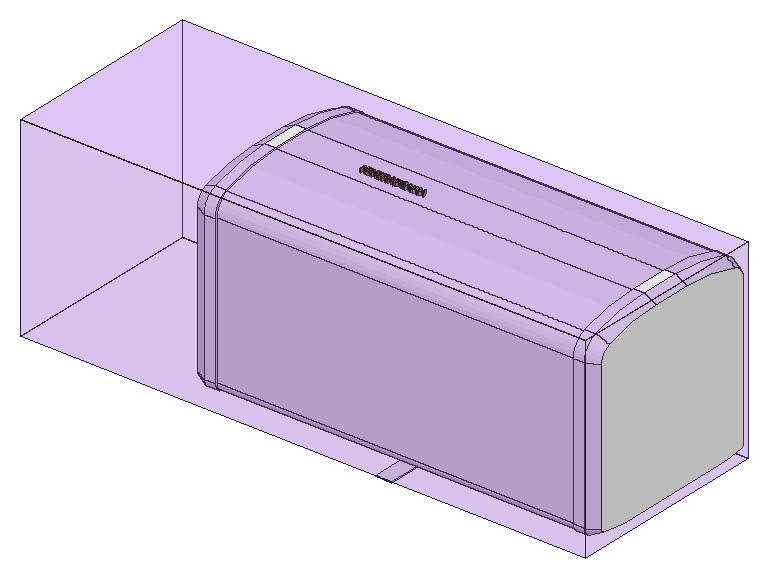
Revit family "Heatrae Sadia Multipoint Eco 80L & 100L H 3kW", category Mechanical Equipment, host Face, Revit 2017
Family settings
  Host = Face
  Round Connector Dimension = Use Diameter
  Part Type = Normal
  OmniClass Number = 23.65.35.11.11
  OmniClass Title = Storage Water Heaters
  Cut with Voids When Loaded = No
  Shared = No
  Room Calculation Point = No
Parameters (values of type "Multipoint Eco 80L H 3kW")
  Width = NominalLength - 12 mm  # 454 mm
  Weight = "26 kg"
  WaterStorageCapacity = "80L"
  WaterInletTemperatureRange = "n/a"
  WarrantyStartDate [instance] = "1900-12-31T23:59:59"
  WarrantyGuarantorParts = "customer.support@heatraesadia.com"
  WarrantyGuarantorLabor = "n/a"
  WarrantyDurationUnit = "year"
  WarrantyDurationParts = "2"
  WarrantyDurationLabor = "n/a"
  WarrantyDescription = "n/a"
  Version = "2"  # constant formula
  Uniclass2015Version = "Products v1.7"
  Uniclass2015Title = "Electric storage water heaters"
  Uniclass2015Code = "Pr_60_60_96_28"
  ThirdPartyCertification = "EN55014-1:2017, EN55014-2:2015, EN60335-1:2012;A11:2014;A13:2017, EN60335-2-21:2003+A1:2005+A2:2008, EN61000-3-2:2014 & EN61000-3-3:2013, EN62233:2008, EN50440, EN60379"
  TemperatureAndPressureReliefValveConnectionDiameter = 15 mm  # constant formula
  TagNumber [instance] = "n/a"
  SustainabilityPerformance = "n/a"
  SupportPosition = 94 mm
  WaterConnectionPosition = 83 mm
  Standards = "n/a"
  Size = "n/a"
  Shape = "453 x 453 x 966 mm"
  SerialNumber [instance] = "n/a"
  Revision = "n/a"
  ReplacementCost = "n/a"
  Rating = "3 kW"
  RHSClearanceZone = 0 mm
  ProductInformation = "https://www.heatraesadia.com/products/cylinders-and-hot-water/electric-unvented-storage/multipoint"
  PressureReliefValvePosition = 136 mm
  PressureRating = "600 kPa"
  PartialLoadEfficiencyCurves = "n/a"
  OutletTemperatureRange = "10°C to 70°C"
  OperatingMode = "n/a"
  OffsetFromWall = 12 mm  # constant formula
  NominalWidth = 453 mm
  NominalPartLoadRatio = 0 mm
  NominalLength = 466 mm
  NominalHeight = 1052 mm
  NominalEnergyConsumption = 6.9 mm
  NominalEfficiency = 40
  Name = "StorageWaterHeaters,Multipoint Eco 80L H 3kW"
  NBSTypeID = "n/a"
  NBSReference = "n/a"
  NBSOfficeMasterTag = "n/a"
  NBSNote = "n/a"
  NBSDescription = "Storage water heaters, electric"
  NBSCertification = "www.nationalbimlibrary.com/cert/wpqzk5cm"
  ModelReference = "Multipoint 80L H 3kW"
  ModelNumber = "n/a"
  Material = NBS_Concept
  ManufacturerURL = "www.heatraesadia.com"
  ManufacturerName = "Heatrae Sadia Heating"  # constant formula
  Manufacturer = "specifier@heatraesadia.com"
  Length = NominalHeight - 86 mm  # 966 mm
  LHSClearanceZone = 300 mm
  IsWaterStorageHeater = yes
  InstallationDate [instance] = "1900-12-31T23:59:59"
  IfcExportType = "USERDEFINED"  # constant formula
  IfcExportAs = "IfcBoilerType"  # constant formula
  HotWaterOutletDiameter = 22 mm  # constant formula
  Height = NominalWidth  # 453 mm
  HeatTransferSurfaceArea = "n/a"
  HeatOutput = 0
  HasTemperatureAndPressureReliefValve = yes
  HasSwitch = yes
  Grade = "n/a"
  FrontClearanceZone = 0 mm
  FlowRate = "20 l/min"
  Finish = "White Enameled Steel"
  Features = "n/a"
  ExpectedLife = "n/a"
  DurationUnit = "year"
  Description = "Unvented water heater"
  Default Elevation = 1200 mm
  Controls = "Smart Thermostatic Control"
  Constituents = "n/a"
  Color = "White"
  ColdWaterInletDiameter = 22 mm  # constant formula
  CodePerformance = "n/a"
  ClearanceZoneMaterial = NBS_ClearanceZone
  ClearanceZone [instance] = yes
  Category = "Pr_60_60_96_28:Electric storage water heaters"
  CasingFinish = "White Enameled Steel"
  Capacity = "80 L"
  BelowClearanceZone = 0 mm
  BarCode [instance] = "n/a"
  BIMObjectName = "Heatrae Sadia Multipoint Eco 80H"
  Author = "NBS"  # constant formula
  AssetType = "Fixed"
  AssetIdentifier [instance] = "n/a"
  Arrangement = "KIWA, NEMKO, CE"
  Accessories = "n/a"
  AccessibilityPerformance = "n/a"
  AboveClearanceZone = 0 mm
Types (3, lengths in mm): name | Weight | WaterStorageCapacity | Shape | NominalHeight | NominalEnergyConsumption | NominalEfficiency | Name | ModelReference | Length | Capacity | BIMObjectName
  (no name) | "26 kg" | "80L" | "453 x 453 x 966 mm" | 1052 | 6.9 | 40 | "StorageWaterHeaters,Multipoint Eco 80L H 3kW" | "Multipoint 80L H 3kW" | 966 | "80 L" | "Heatrae Sadia Multipoint Eco 80H"
  Multipoint Eco 80L H 3kW | "26 kg" | "80L" | "453 x 453 x 966 mm" | 1052 | 6.9 | 40 | "StorageWaterHeaters,Multipoint Eco 80L H 3kW" | "Multipoint 80L H 3kW" | 966 | "80 L" | "Heatrae Sadia Multipoint Eco 80H"
  Multipoint Eco 100L H 3kW | "30 kg" | "100 L" | "453 x 454 x 1134 mm" | 1220 | 6.3 | 37.7 | "StorageWaterHeaters, Multipoint Eco 100L H 3kW" | "Multipoint 100L H 3kW" | 1134 | "100 L" | "Heatrae Sadia Multipoint Eco 100H"
Reference planes
  plane 1 "Center (Front/Back)": y = 0
  plane 2: z = 0.011
  plane 3 "Center (Left/Right)": x = 0
  plane 4: y = 226.5
  plane 5: y = -226.5
  plane 6: z = 466.011
  plane 7: z = 12.011
  plane 8: x = -483
  plane 9: x = -428
  plane 10: x = -454
  plane 11: x = 483
  plane 12: x = 428
  plane 13: x = 454
  plane 14: z = 95.011
  plane 15: y = 50
  plane 16: y = -50
  plane 17 "Connection": y = 140.5
  plane 18: z = 148.011
  plane 19: y = -148.5
  plane 20: x = -458
  plane 21: z = 112.011
  plane 22: z = 127.011
  plane 23: z = 380.011
  plane 24: z = 302.011
  plane 25: z = 122.011
  plane 26: z = 80.011
  plane 27: y = -162.5
  plane 28: x = -499
  plane 29: x = -569
  plane 30: y = 143.5
  plane 31: y = -143.5
  plane 32 "Above Clearance": y = 226.5
  plane 33 "LHS Clearance": x = -869
  plane 34 "Below Clearance": y = -259.5
  plane 35 "RHS Clearance": x = 483
  plane 36: y = -259.5
  plane 37 "Front Clearance": z = 466.011
Forms (mm)
  Extrusion 1, solid, material "NBS_Concept" <- "Material", detail levels medium+fine
    sketch origin (0, 0, -82) x (0, 1, 0) y (0, 0, 1)
      loop
        arc (143.5, 94.011) -> (176.474, 95.743) -> (209.086, 100.922) r 314.643
        arc (209.086, 100.922) -> (221.601, 108.598) -> (226.5, 122.439) r 22
        line (226.5, 122.439) -> (226.5, 476.124)
        arc (226.5, 476.124) -> (217.216, 505.144) -> (192.812, 523.388) r 50
        arc (192.812, 523.388) -> (120.431, 541.812) -> (46, 548.011) r 450
        line (46, 548.011) -> (-46, 548.011)
        arc (-46, 548.011) -> (-120.431, 541.812) -> (-192.813, 523.388) r 450
        arc (-192.813, 523.388) -> (-217.216, 505.144) -> (-226.5, 476.124) r 50
        line (-226.5, 476.124) -> (-226.5, 122.439)
        arc (-226.5, 122.439) -> (-221.601, 108.598) -> (-209.086, 100.922) r 22
        arc (-209.086, 100.922) -> (-176.474, 95.743) -> (-143.5, 94.011) r 314.643
        line (-143.5, 94.011) -> (143.5, 94.011)
    from -483 to 483
  Extrusion 2, solid, material "NBS_Concept" <- "Material", detail levels fine
    sketch origin (0, 0, -82) x (0, 1, 0) y (0, 0, 1)
      loop
        circle (50, 177.011) r 13.5
      loop
        circle (-50, 177.011) r 13.5
      loop
        circle (50, 177.011) r 11
      loop
        circle (-50, 177.011) r 11
    from -499 to -483
  Extrusion 3, solid, material "NBS_Concept" <- "Material", detail levels medium
    sketch origin (0, 0, -82) x (0, 1, 0) y (0, 0, 1)
      loop
        circle (50, 177.011) r 13.5
      loop
        circle (-50, 177.011) r 13.5
    from -499 to -483
  Revolve 4, solid, material "NBS_Concept" <- "Material", visible <- "HasTemperatureAndPressureReliefValve", detail levels fine
    sketch origin (0, 140.5, 0) x (0, 0, 1) y (-1, 0, 0)
      loop
        line (148.011, 483) -> (161.011, 483) -> (161.011, 496) -> (162.011, 496) -> (162.011, 525) -> (164.011, 525) -> (164.011, 537) -> (162.761, 537) -> (162.761, 546) -> (161.511, 546) -> (161.511, 569) -> (148.011, 569) -> (148.011, 483)
      axis (148.011, 569) -> (148.011, 483)
    angle from 0 to 360
  Revolve 5, solid, material "NBS_Concept" <- "Material", visible <- "HasTemperatureAndPressureReliefValve", detail levels medium
    sketch origin (0, 99.5, -82) x (0, 0, 1) y (-1, 0, 0)
      loop
        line (230.011, 483) -> (244.011, 483) -> (244.011, 525) -> (246.011, 525) -> (246.011, 546) -> (243.511, 546) -> (243.511, 569) -> (230.011, 569) -> (230.011, 483)
      axis (230.011, 569) -> (230.011, 483)
    angle from 0 to 360
  Revolve 6, solid, material "NBS_Concept" <- "Material", visible <- "HasTemperatureAndPressureReliefValve", detail levels coarse
    sketch origin (0, 99.5, -82) x (0, 0, 1) y (-1, 0, 0)
      loop
        line (230.011, 483) -> (244.011, 483) -> (244.011, 525) -> (246.011, 525) -> (246.011, 569) -> (230.011, 569) -> (230.011, 483)
      axis (230.011, 569) -> (230.011, 483)
    angle from 0 to 360
  Extrusion 7, solid, material "NBS_Concept" <- "Material", detail levels fine
    sketch origin (0, 0, -82) x (0, 1, 0) y (0, 0, 1)
      loop
        circle (0, 384.011) r 13
      loop
        circle (0, 384.011) r 11
      loop
        circle (0, 384.011) r 9
    from -485 to -483
  Extrusion 8, void
    sketch origin (0, 190.138, -137.009) x (0, 1, 0) y (0, 0, 1)
      loop
        line (-310.138, 259.02) -> (-367.138, 259.02) -> (-367.138, 217.02) -> (-385.358, 149.02) -> (-291.917, 149.02) -> (-310.138, 217.02) -> (-310.138, 259.02)
    from -483 to -458
  Extrusion 9, solid, material "NBS_Concept" <- "Material", detail levels medium+fine
    sketch origin (0, 0, 0) x (1, 0, 0) y (0, 1, 0)
      loop
        circle (-470, -162.5) r 12
    from 80.011 to 122.011
  Extrusion 10, solid, material "NBS_Concept" <- "Material", visible <- "HasTemperatureAndPressureReliefValve", detail levels fine
    sketch origin (0, 0, 0) x (1, 0, 0) y (0, 1, 0)
      loop
        circle (-519, 140.5) r 7.5
      loop
        line (-526, 152.624) -> (-533, 140.5) -> (-526, 128.376) -> (-512, 128.376) -> (-505, 140.5) -> (-512, 152.624) -> (-526, 152.624)
    from 112.011 to 127.011
  Extrusion 11, solid, material "NBS_Concept" <- "Material", visible <- "HasTemperatureAndPressureReliefValve", detail levels medium+fine
    sketch origin (0, 0, 0) x (1, 0, 0) y (0, 1, 0)
      loop
        circle (-519, 140.5) r 10.5
    from 127.011 to 148.011
  Extrusion 12, solid, material "NBS_Concept" <- "Material", visible <- "HasTemperatureAndPressureReliefValve", detail levels medium
    sketch origin (0, 0, 0) x (1, 0, 0) y (0, 1, 0)
      loop
        line (-526, 152.624) -> (-533, 140.5) -> (-526, 128.376) -> (-512, 128.376) -> (-505, 140.5) -> (-512, 152.624) -> (-526, 152.624)
    from 112.011 to 127.011
  Extrusion 13, solid, material "NBS_Concept" <- "Material", detail levels fine
    sketch origin (0, 0, 0) x (0, 1, 0) y (0, 0, 1)
      loop
        line (-168.5, 0) -> (-158.489, 10.011) -> (-73.5, 10.011) -> (-73.5, 12.011) -> (-159.318, 12.011) -> (-169.328, 2) -> (-259.5, 2) -> (-259.5, 0) -> (-168.5, 0)
    from -20 to 20
  Extrusion 14, solid, material "NBS_Concept" <- "Material", detail levels fine
    sketch origin (1226.347, 140.5, 586.702) x (0, 0, 1) y (-1, 0, 0)
      loop
        line (-586.702, 956.347) -> (-583.702, 956.347) -> (-583.702, 982.105) -> (-574.702, 991.105) -> (-574.702, 1092.59) -> (-583.702, 1101.59) -> (-583.702, 1151.105) -> (-574.702, 1160.105) -> (-574.702, 1292.59) -> (-583.702, 1301.59) -> (-583.702, 1351.105) -> (-574.702, 1360.105) -> (-574.702, 1461.59) -> (-583.702, 1470.59) -> (-583.702, 1496.347) -> (-586.702, 1496.347) -> (-586.702, 1469.347) -> (-577.702, 1460.347) -> (-577.702, 1361.347) -> (-586.702, 1352.347) -> (-586.702, 1300.347) -> (-577.702, 1291.347) -> (-577.702, 1161.347) -> (-586.702, 1152.347) -> (-586.702, 1100.347) -> (-577.702, 1091.347) -> (-577.702, 992.347) -> (-586.702, 983.347) -> (-586.702, 956.347)
    from 8 to 40
  Sweep 15, void
    path in 3D
      loop
        arc (483, 143.5, 12.011) -> (483, 176.474, 13.743) -> (483, 209.086, 18.922) r 314.643
        arc (483, 209.086, 18.922) -> (483, 221.601, 26.598) -> (483, 226.5, 40.439) r 22
        line (483, 226.5, 40.439) -> (483, 226.5, 394.124)
        arc (483, 226.5, 394.124) -> (483, 217.216, 423.144) -> (483, 192.812, 441.388) r 50
        arc (483, 192.812, 441.388) -> (483, 120.431, 459.812) -> (483, 46, 466.011) r 450
        line (483, 46, 466.011) -> (483, -46, 466.011)
        arc (483, -46, 466.011) -> (483, -120.431, 459.812) -> (483, -192.813, 441.388) r 450
        arc (483, -192.813, 441.388) -> (483, -217.216, 423.144) -> (483, -226.5, 394.124) r 50
        line (483, -226.5, 394.124) -> (483, -226.5, 40.439)
        arc (483, -226.5, 40.439) -> (483, -221.601, 26.598) -> (483, -209.086, 18.922) r 22
        arc (483, -209.086, 18.922) -> (483, -176.474, 13.743) -> (483, -143.5, 12.011) r 314.643
    profile origin (483, 226.5, 217.281) x (0, -1, 0) y (1, 0, 0)
      loop
        line (-10, 0) -> (-10, -966) -> (15, -966) -> (0, -937) -> (0, -911) -> (2, -911) -> (2, -55) -> (0, -55) -> (0, -29) -> (15, 0) -> (-10, 0)
  Extrusion 16, void
    sketch origin (0, 140.5, 0) x (0, 0, 1) y (-1, 0, 0)
      loop
        line (12.011, -454) -> (12.011, -428) -> (14.011, -428) -> (14.011, 428) -> (12.011, 428) -> (12.011, 454) -> (27.011, 483) -> (0.011, 483) -> (0.011, -483) -> (27.011, -483) -> (12.011, -454)
    from -3 to 284
  Extrusion 17, solid, material "NBS_Concept" <- "Material", detail levels coarse
    sketch origin (0, 0, 0) x (0, 1, 0) y (0, 0, 1)
      loop
        line (-226.5, 0.011) -> (226.5, 0.011) -> (226.5, 428.224)
        arc (226.5, 428.224) -> (138.206, 456.463) -> (46, 466.011) r 450
        line (46, 466.011) -> (-46, 466.011)
        arc (-46, 466.011) -> (-138.206, 456.463) -> (-226.5, 428.224) r 450
        line (-226.5, 428.224) -> (-226.5, 0.011)
    from -483 to 483
  Extrusion 18, solid, material "NBS_Concept" <- "Material", detail levels medium
    sketch origin (0, 0, 0) x (1, 0, 0) y (0, 1, 0)
      loop
        line (-270, 132.5) -> (-270, 100.5) -> (270, 100.5) -> (270, 132.5) -> (-270, 132.5)
      loop
        line (-20, -73.5) -> (-20, -259.5) -> (20, -259.5) -> (20, -73.5) -> (-20, -73.5)
    from 0.011 to 12.011
  Extrusion 19, solid, material "NBS_ClearanceZone", visible <- "ClearanceZone"
    sketch origin (0, 0, 0) x (1, 0, 0) y (0, 1, 0)
      loop
        line (-869, 226.5) -> (-869, -259.5) -> (483, -259.5) -> (483, 226.5) -> (-869, 226.5)
    from 0.011 to 466.011
Cuts and joins
  Extrusion 8, Sweep 15, Extrusion 16 cuts Extrusion 1
Lines and regions (mm)
  sketch lines
    curve 1: line (483, 226.5, 40.439) -> (483, 226.5, 394.124)
    curve 2: arc (483, 192.812, 441.388) -> (483, 217.216, 423.144) -> (483, 226.5, 394.124) r 50
    curve 3: arc (483, 46, 466.011) -> (483, 120.431, 459.812) -> (483, 192.812, 441.388) r 450
    curve 4: line (483, 46, 466.011) -> (483, -46, 466.011)
    curve 5: arc (483, -192.813, 441.388) -> (483, -120.431, 459.812) -> (483, -46, 466.011) r 450
    curve 6: arc (483, -226.5, 394.124) -> (483, -217.216, 423.144) -> (483, -192.813, 441.388) r 50
    curve 7: line (483, -226.5, 394.124) -> (483, -226.5, 40.439)
    curve 8: arc (483, -209.086, 18.922) -> (483, -221.601, 26.598) -> (483, -226.5, 40.439) r 22
    curve 9: arc (483, -143.5, 12.011) -> (483, -176.474, 13.743) -> (483, -209.086, 18.922) r 314.643
    curve 10: arc (483, 226.5, 40.439) -> (483, 221.601, 26.598) -> (483, 209.086, 18.922) r 22
    curve 11: arc (483, 209.086, 18.922) -> (483, 176.474, 13.743) -> (483, 143.5, 12.011) r 314.643
  symbolic lines, style "Zones", visible <- "ClearanceZone"
    curve 12: line (-869, 226.5, 0) -> (483, 226.5, 0)
    curve 13: line (-869, -259.5, 0) -> (-869, 226.5, 0)
    curve 14: line (483, -259.5, 0) -> (-869, -259.5, 0)
    curve 15: line (483, 226.5, 0) -> (483, -259.5, 0)
    curve 16: line (-869, 140.5, 466.011) -> (483, 140.5, 466.011)
    curve 17: line (-869, 140.5, 0.011) -> (-869, 140.5, 466.011)
    curve 18: line (483, 140.5, 0.011) -> (-869, 140.5, 0.011)
    curve 19: line (483, 140.5, 466.011) -> (483, 140.5, 0.011)
    curve 20: line (0, 226.5, 466.011) -> (0, -259.5, 466.011)
    curve 21: line (0, 226.5, 0.011) -> (0, 226.5, 466.011)
    curve 22: line (0, -259.5, 0.011) -> (0, 226.5, 0.011)
    curve 23: line (0, -259.5, 466.011) -> (0, -259.5, 0.011)
Dimensions and locks
  equal spacing: plane 4, plane 1 "Center (Front/Back)", plane 5
  "Height": plane 4 to plane 5
  "Width": plane 7 to plane 6
  plane 9 to plane 10 to plane 8 = 26 mm locked, 29 mm locked
  plane 12 to plane 13 to plane 11 = 26 mm locked, 29 mm locked
  "WaterConnectionPosition": plane 14 to plane 7
  plane 15 to plane 1 "Center (Front/Back)" to plane 16 = 50 mm locked, 50 mm locked
  "PressureReliefValvePosition": plane 18 to plane 7
  locked: plane 10 to plane 20 at 4
  plane 18 to plane 22 to plane 21 = 21 mm locked, 15 mm locked
  plane 24 to plane 23 to plane 6 = 78 mm locked, 86 mm locked
  plane 25 to plane 26 to plane 7 = 42 mm locked, 68 mm locked
  locked: plane 19 to plane 27 at 14
  locked: plane 8 to Extrusion 9 sketch curve at 13
  "OffsetFromWall": plane 2 to plane 7
  equal spacing: plane 11, plane 3 "Center (Left/Right)", plane 8
  "Length": plane 11 to plane 8
  locked: plane 8 to Extrusion 7 at 2
  Extrusion 14 sketch curve to Extrusion 14 sketch curve to Extrusion 14 sketch curve to Extrusion 14 sketch curve to Extrusion 14 sketch curve to Extrusion 14 sketch curve to Extrusion 14 sketch curve to Extrusion 14 sketch curve to Extrusion 14 sketch curve to Extrusion 14 sketch curve to Extrusion 14 sketch curve to Extrusion 14 sketch curve to Extrusion 14 sketch curve to plane 3 "Center (Left/Right)" to Extrusion 14 sketch curve to Extrusion 14 sketch curve to Extrusion 14 sketch curve to Extrusion 14 sketch curve to Extrusion 14 sketch curve to Extrusion 14 sketch curve to Extrusion 14 sketch curve to Extrusion 14 sketch curve to Extrusion 14 sketch curve to Extrusion 14 sketch curve to Extrusion 14 sketch curve to Extrusion 14 sketch curve to Extrusion 14 sketch curve = 25.757 mm locked, 1.243 mm locked, 7.757 mm locked, 1.243 mm locked, 99 mm locked, 1.243 mm locked, 7.757 mm locked, 1.243 mm locked, 49.515 mm locked, 1.243 mm locked, 7.757 mm locked, 1.243 mm locked, 65 mm locked, 65 mm locked, 1.243 mm locked, 7.757 mm locked, 1.243 mm locked, 49.515 mm locked, 1.243 mm locked, 7.757 mm locked, 1.243 mm locked, 99 mm locked, 1.243 mm locked, 7.757 mm locked, 1.243 mm locked, 25.757 mm locked
  plane 8 to plane 28 to plane 29 = 16 mm locked, 70 mm locked
  locked: Extrusion 11 sketch curve to plane 8 at 36
  Extrusion 12 sketch curve to Extrusion 12 sketch curve to Extrusion 12 sketch curve to Extrusion 12 sketch curve to Extrusion 12 sketch curve to Extrusion 12 sketch curve to plane 8 = 7 mm locked, 0 mm locked, 14 mm locked, 0 mm locked, 7 mm locked, 22 mm locked
  Extrusion 10 sketch curve to Extrusion 10 sketch curve to Extrusion 10 sketch curve to Extrusion 10 sketch curve to Extrusion 10 sketch curve to Extrusion 10 sketch curve to Extrusion 10 sketch curve to plane 8 = 7 mm locked, 0 mm locked, 7 mm locked, 7 mm locked, 0 mm locked, 7 mm locked, 22 mm locked
  plane 4 to Extrusion 1 sketch curve to Extrusion 1 sketch curve = 50 mm locked, 33 mm locked
  Extrusion 1 sketch curve to Extrusion 1 sketch curve to plane 5 = 33 mm locked, 50 mm locked
  plane 4 to Extrusion 1 sketch curve to Extrusion 1 sketch curve = 22 mm locked, 61 mm locked
  Extrusion 1 sketch curve to Extrusion 1 sketch curve to plane 5 = 61 mm locked, 22 mm locked
  locked: plane 4 to Extrusion 1 sketch curve at 180.5  (x2)
  locked: Extrusion 1 sketch curve to plane 5 at 180.5  (x2)
  locked: Extrusion 1 sketch curve to plane 6 at 71.887  (x2)
  locked: Extrusion 1 sketch curve to plane 6 at 450  (x2)
  plane 7 to Extrusion 1 sketch curve to Extrusion 1 sketch curve = 28.428 mm locked, 286.215 mm locked  (x2)
  Extrusion 8 sketch curve to Extrusion 8 sketch curve to plane 19 to Extrusion 8 sketch curve to Extrusion 8 sketch curve = 18.221 mm locked, 28.5 mm locked, 28.5 mm locked, 18.221 mm locked
  locked: plane 4 to Sweep 15 sketch curve at 10
  locked: Sweep 15 sketch curve to plane 4 at 2
  locked: Sweep 15 sketch curve to plane 4 at 15  (x2)
  locked: Extrusion 16 sketch curve to plane 7 at 15  (x2)
  locked: Extrusion 16 sketch curve to plane 7 at 2
  locked: plane 4 to plane 30 at 83
  locked: plane 31 to plane 5 at 83
  locked: plane 4 to Extrusion 17 sketch curve at 180.5  (x2)
  locked: Extrusion 17 sketch curve to plane 5 at 180.5  (x2)
  locked: Extrusion 17 sketch curve to plane 6 at 37.787  (x2)
  locked: Extrusion 17 sketch curve to plane 6 at 450  (x2)
  Extrusion 18 sketch curve to plane 3 "Center (Left/Right)" to Extrusion 18 sketch curve = 270 mm locked, 270 mm locked
  Extrusion 18 sketch curve to plane 3 "Center (Left/Right)" to Extrusion 18 sketch curve = 20 mm locked, 20 mm locked
  Extrusion 18 sketch curve to plane 5 to Extrusion 18 sketch curve = 153 mm locked, 33 mm locked
  Extrusion 13 sketch curve to Extrusion 13 sketch curve to Extrusion 13 sketch curve to Extrusion 13 sketch curve to Extrusion 13 sketch curve to plane 5 to Extrusion 13 sketch curve = 84.989 mm locked, 0.828 mm locked, 9.182 mm locked, 0.828 mm locked, 57.172 mm locked, 33 mm locked
  Extrusion 12 sketch curve to plane 17 "Connection" to Extrusion 12 sketch curve = 12.124 mm locked, 12.124 mm locked
  Extrusion 10 sketch curve to plane 17 "Connection" to Extrusion 10 sketch curve = 12.124 mm locked, 12.124 mm locked
  locked: plane 4 to plane 17 "Connection" at 86
  "SupportPosition": Extrusion 14 to plane 4
  locked: Extrusion 14 to Extrusion 14 at 32
  locked: Extrusion 18 sketch curve to Extrusion 18 sketch curve at 32
  "SupportPosition": Extrusion 18 sketch curve to plane 4
  locked: plane 19 to plane 5 at 78
  "LHSClearanceZone": plane 33 "LHS Clearance" to plane 29
  "RHSClearanceZone": plane 11 to plane 35 "RHS Clearance"
  "AboveClearanceZone": plane 32 "Above Clearance" to plane 4
  locked: plane 36 to plane 5 at 33
  "BelowClearanceZone": plane 34 "Below Clearance" to plane 36
  "FrontClearanceZone": plane 37 "Front Clearance" to plane 6
  radius of Extrusion 1 sketch curve = 314.643 mm  (x2)
  radius of Extrusion 1 sketch curve = 22 mm  (x2)
  radius of Extrusion 1 sketch curve = 50 mm  (x2)
  radius of Extrusion 1 sketch curve = 450 mm  (x2)
  radius of Extrusion 17 sketch curve = 450 mm  (x2)
  aligned and locked: plane 2 to host face
  aligned and locked: level to host face
  aligned and locked: plane 8 to Extrusion 2
  aligned and locked: plane 8 to Extrusion 3
  aligned and locked: plane 15 to Extrusion 3 sketch curve
  aligned and locked: plane 14 to Extrusion 3 sketch curve  (x2)
  aligned and locked: plane 16 to Extrusion 3 sketch curve
  aligned and locked: plane 14 to Extrusion 2 sketch curve  (x4)
  aligned and locked: plane 16 to Extrusion 2 sketch curve  (x2)
  aligned and locked: plane 15 to Extrusion 2 sketch curve  (x2)
  aligned and locked: Revolve 4 sketch curve to plane 18
  aligned and locked: plane 8 to Extrusion 7
  aligned and locked: plane 7 to Extrusion 8 sketch curve
  aligned and locked: Extrusion 8 to plane 8
  aligned and locked: plane 20 to Extrusion 8
  aligned and locked: plane 18 to Extrusion 11
  aligned and locked: Extrusion 11 to plane 22
  aligned and locked: Extrusion 12 to plane 22
  aligned and locked: Extrusion 10 to plane 22
  aligned and locked: Extrusion 10 to plane 21
  aligned and locked: Extrusion 12 to plane 21
  aligned and locked: plane 1 "Center (Front/Back)" to Extrusion 7 sketch curve  (x3)
  aligned and locked: plane 24 to Extrusion 7 sketch curve  (x3)
  aligned and locked: plane 25 to Extrusion 9
  aligned and locked: plane 26 to Extrusion 8 sketch curve  (x2)
  aligned and locked: Extrusion 8 sketch curve to plane 25
  aligned and locked: plane 27 to Extrusion 9 sketch curve
  aligned and locked: Extrusion 2 to plane 28
  aligned and locked: Extrusion 3 to plane 28
  aligned and locked: Revolve 6 sketch curve to plane 29
  aligned and locked: plane 8 to Revolve 6 sketch curve
  aligned and locked: Revolve 4 sketch curve to plane 29
  aligned and locked: plane 8 to Revolve 4 sketch curve
  aligned and locked: Revolve 5 sketch curve to plane 29
  aligned and locked: plane 8 to Revolve 5 sketch curve
  aligned and locked: plane 17 "Connection" to Extrusion 11 sketch curve
  aligned and locked: plane 17 "Connection" to Extrusion 10 sketch curve  (x3)
  aligned and locked: Extrusion 1 to plane 8
  aligned and locked: Extrusion 1 to plane 11
  aligned and locked: Sweep 15 sketch curve to plane 12
  aligned and locked: plane 4 to Sweep 15 sketch curve  (x2)
  aligned and locked: plane 13 to Sweep 15 sketch curve
  aligned and locked: plane 11 to Sweep 15 sketch curve
  aligned and locked: Sweep 15 sketch curve to plane 8
  aligned and locked: plane 10 to Sweep 15 sketch curve
  aligned and locked: Sweep 15 sketch curve to plane 9
  aligned and locked: plane 2 to Extrusion 16 sketch curve
  aligned and locked: plane 11 to Extrusion 16 sketch curve
  aligned and locked: plane 7 to Extrusion 16 sketch curve  (x2)
  aligned and locked: plane 12 to Extrusion 16 sketch curve
  aligned and locked: plane 9 to Extrusion 16 sketch curve
  aligned and locked: plane 8 to Extrusion 16 sketch curve
  aligned and locked: Extrusion 16 to plane 30
  aligned and locked: Extrusion 16 to plane 31
  aligned and locked: plane 2 to Extrusion 17 sketch curve
  aligned and locked: plane 4 to Extrusion 17 sketch curve
  aligned and locked: Extrusion 17 to plane 8
  aligned and locked: Extrusion 17 to plane 11
  aligned and locked: Extrusion 18 to plane 2
  aligned and locked: Extrusion 18 to plane 7
  aligned and locked: plane 17 "Connection" to Extrusion 12 sketch curve  (x2)
  aligned and locked: Extrusion 19 sketch curve to plane 32 "Above Clearance"
  aligned and locked: plane 33 "LHS Clearance" to Extrusion 19 sketch curve
  aligned and locked: plane 34 "Below Clearance" to Extrusion 19 sketch curve
  aligned and locked: Extrusion 19 sketch curve to plane 35 "RHS Clearance"
  aligned and locked: Extrusion 19 to plane 2
  aligned and locked: plane 37 "Front Clearance" to Extrusion 19
  aligned and locked: plane 33 "LHS Clearance" to curve 13
  aligned and locked: curve 12 to plane 32 "Above Clearance"
  aligned and locked: plane 34 "Below Clearance" to curve 14
  aligned and locked: curve 15 to plane 35 "RHS Clearance"
  aligned and locked: plane 33 "LHS Clearance" to curve 17
  aligned and locked: curve 16 to plane 37 "Front Clearance"
  aligned and locked: curve 19 to plane 35 "RHS Clearance"
  aligned and locked: plane 2 to curve 18
  aligned and locked: curve 20 to plane 37 "Front Clearance"
  aligned and locked: curve 21 to plane 32 "Above Clearance"
  aligned and locked: plane 2 to curve 22
  aligned and locked: plane 34 "Below Clearance" to curve 23
  aligned and locked: Extrusion 9 to plane 26
Automatic sketch dimensions
  host sketch curve to host sketch curve = 1699.318 mm
  host sketch curve to host sketch curve = 973.863 mm
  Revolve 4 sketch curve to plane 18 = 0 mm
  plane 18 to Revolve 4 sketch curve = 13 mm
  plane 18 to Revolve 4 sketch curve = 13.5 mm
  Revolve 4 sketch curve to Revolve 4 sketch curve = 1 mm
  Revolve 4 sketch curve to Revolve 4 sketch curve = 1.25 mm  (x2)
  plane 28 to Revolve 4 sketch curve = 3 mm
  Revolve 4 sketch curve to plane 28 = 26 mm
  Revolve 4 sketch curve to Revolve 4 sketch curve = 12 mm
  Revolve 4 sketch curve to Revolve 4 sketch curve = 9 mm
  plane 9 to Revolve 4 sketch curve = 74 mm
  Revolve 4 sketch curve to Revolve 4 sketch curve = 40 mm
  Revolve 5 sketch curve to plane 18 = 0 mm  (x2)
  plane 18 to Revolve 5 sketch curve = 13.5 mm
  plane 18 to Revolve 5 sketch curve = 14 mm
  Revolve 5 sketch curve to Revolve 5 sketch curve = 2.5 mm
  Revolve 5 sketch curve to plane 28 = 26 mm
  Revolve 5 sketch curve to Revolve 5 sketch curve = 21 mm
  plane 9 to Revolve 5 sketch curve = 74 mm
  Revolve 5 sketch curve to Revolve 5 sketch curve = 40 mm
  Revolve 6 sketch curve to plane 18 = 0 mm  (x2)
  plane 18 to Revolve 6 sketch curve = 14 mm
  plane 18 to Revolve 6 sketch curve = 16 mm
  Revolve 6 sketch curve to plane 28 = 26 mm
  plane 9 to Revolve 6 sketch curve = 74 mm
  Revolve 6 sketch curve to Revolve 6 sketch curve = 40 mm
  Extrusion 13 sketch curve to level = 0 mm
  plane 7 to Extrusion 13 sketch curve = 0 mm
  plane 2 to Extrusion 13 sketch curve = 1.989 mm
  plane 7 to Extrusion 13 sketch curve = 2 mm
  Extrusion 14 sketch curve to level = 0 mm  (x4)
  plane 2 to Extrusion 14 sketch curve = 2.989 mm  (x4)
  plane 7 to Extrusion 14 sketch curve = 3.011 mm  (x3)
  plane 7 to Extrusion 14 sketch curve = 0.011 mm  (x3)
  plane 13 to Extrusion 16 sketch curve = 0 mm
  Extrusion 16 sketch curve to plane 10 = 0 mm
  radius of Extrusion 2 sketch curve = 13.5 mm  (x2)
  radius of Extrusion 2 sketch curve = 11 mm  (x2)
  radius of Extrusion 3 sketch curve = 13.5 mm  (x2)
  radius of Extrusion 7 sketch curve = 13 mm
  radius of Extrusion 7 sketch curve = 11 mm
  radius of Extrusion 7 sketch curve = 9 mm
  radius of Extrusion 9 sketch curve = 12 mm
  radius of Extrusion 10 sketch curve = 7.5 mm
  radius of Extrusion 11 sketch curve = 10.5 mm
Nested families
  nested 1: "Heatrae Sadia Logo without Premier Plus - for Horizontal Multipoint Eco" at (-162, 0, 413.09), type "Heatrae Sadia Logo without Premier Plus - for Horizontal Multipoint Eco"
Connectors
  piping at (-499, -50, 95.011), diameter 22, driven by "ColdWaterInletDiameter"
    settings: on Extrusion 2, index 1, connector inside diameter 609.6 mm, connector length 0 mm, flow factor 0, pipe flow 0.0 L/s, pressure drop 0.0 Pa, fitting loss kfactor 0, connector angle 0.00°, fixture units 0, engagement length 0 mm, angle of deflection 0.00°, flow configuration 0, flow direction 1, fitting loss method 0, system type 20, joint type 0, gender type 0, connector reference index -1, connector utility 0, adjustable connector no, is connector primary yes, connector description "Cold Water Inlet"
  piping at (-499, 50, 95.011), diameter 22, driven by "HotWaterOutletDiameter"
    settings: on Extrusion 2, index 2, connector inside diameter 609.6 mm, connector length 0 mm, flow factor 0, pipe flow 0.0 L/s, pressure drop 0.0 Pa, fitting loss kfactor 0, connector angle 0.00°, fixture units 0, engagement length 0 mm, angle of deflection 0.00°, flow configuration 0, flow direction 2, fitting loss method 0, system type 19, joint type 0, gender type 0, connector reference index -1, connector utility 0, adjustable connector no, is connector primary no, connector description "Hot Water Inlet"
  electrical at (-470, -162.5, 80.011)
    settings: on Extrusion 9, index 3, voltage 0 V, apparent load 0 VA, apparent load phase1 0 VA, apparent load phase2 0 VA, apparent load phase3 0 VA, power factor 1, load classification "Other", number of poles 1, system type 30, power factor state 1, is connector primary yes, connector utility no, sub classification motor no, connector description ""
  piping at (-519, 140.5, 112.011), diameter 15, driven by "TemperatureAndPressureReliefValveConnectionDiameter"
    settings: on Extrusion 10, index 4, connector inside diameter 609.6 mm, connector length 0 mm, flow factor 0, pipe flow 0.0 L/s, pressure drop 0.0 Pa, fitting loss kfactor 0, connector angle 0.00°, fixture units 0, engagement length 0 mm, angle of deflection 0.00°, flow configuration 0, flow direction 2, fitting loss method 0, system type 17, joint type 0, gender type 0, connector reference index -1, connector utility 0, adjustable connector no, is connector primary no, connector description "Pressure Relief Outlet"
Definition of nested family "Heatrae Sadia Logo without Premier Plus - for Horizontal Multipoint Eco"
  Parameters (values of type "Heatrae Sadia Logo without Premier Plus - for Horizontal Multipoint Eco")
    _DistributedBy = "https://www.bimstore.co.uk/"
    _CurrentRevision = 0
    _CreatedBy = "http://www.potterton.co.uk/"
    _BimstoreBibleVersion = ""
    _BimSpecGuid = 0
    _Author = "Trevour Carty"  # constant formula
    WarrantyStartDate = "please record on commissioning"
    WarrantyGuarantorParts = "+44 344 871 1545"  # constant formula
    WarrantyGuarantorLabor = ""
    WarrantyDurationUnit = "years"  # constant formula
    WarrantyDurationParts = "2"  # constant formula
    WarrantyDurationLabor = ""
    WarrantyDescription = "2 Years UK only Labour and parts warranty. Warranty applies to boiler only and integral controls."
    URL = "http://www.potterton.co.uk/"
    TypeName = ""
    Type Comments = ""
    TagNumber = ""
    SpareParts = ""
    Size = ""
    Shape = ""
    SerialNumber = ""
    ReplacementCost = ""
    ReferencedStandard = "ISO 9001"  # constant formula
    ProductionYear = ""
    NominalLength = 0 mm
    NominalHeight = 0 mm
    NominalDepth = 0 mm
    NBSReference = "90-40-05/340"  # constant formula
    NBSOfficeMasterTag = ""
    NBSObjectName = ""
    NBSNote = ""
    NBSDescription = "Gas Fired Condensing Boiler"  # constant formula
    ModelReference = ""
    ModelNumber = ""
    Material = ""
    ManufacturerName = "Potterton"  # constant formula
    Manufacturer = "Potterton"  # constant formula
    Keynote = "T32"
    InstallationDate = "please record on commissioning"
    IfcExportType = ""
    IfcExportAs = ""
    Grade = ""
    Finish = ""
    Features = ""
    Extidentifier = ""
    ExpectedLife = 0
    DurationUnit = "Years"  # constant formula
    DocumentationTechnical = "http://www.potterton.co.uk/products/gas-boilers/promax-ultra.htm"
    DocumentationMaintenance = "http://www.potterton.co.uk/products/gas-boilers/promax-ultra.htm"
    DocumentationLiterature = "http://www.potterton.co.uk/products/gas-boilers/promax-ultra.htm"
    DocumentationInstallationGuide = "http://www.potterton.co.uk/products/gas-boilers/promax-ultra.htm"
    DocumentationCertificates = "http://www.potterton.co.uk/products/gas-boilers/promax-ultra.htm"
    CreatedOn = ""
    CreatedBy = "http://www.potterton.co.uk/"
    Constituents = ""
    Color = ""
    CodePerformance = ""
    ClassificationValue = "Pr_60_60_08_34"  # constant formula
    ClassificationName = "Uniclass2015"  # constant formula
    BarCode = ""
    BIMObjectName = ""
    AssetType = "Fixed"  # constant formula
    AssetIdentifier = ""
    Assembly Code = "D3020100"
    AccessibilityPerformance = ""
  Reference planes
    plane 1 "Center (Front/Back)": y = 0
    plane 2: z = 0
    plane 3 "Center (Left/Right)": x = 0
  Forms (mm)
    Extrusion 1, solid
      sketch origin (12.485, -14.622, -42.691) x (1, 0, 0) y (0, 1, 0)
        loop
          line (-103.129, 10.358) -> (-103.129, -1.678) -> (-99.893, -1.678) -> (-99.893, 4.757) -> (-93.445, 4.757) -> (-93.445, -1.678) -> (-90.092, -1.678) -> (-90.092, 13.484) -> (-93.445, 13.484) -> (-93.445, 8.026) -> (-99.893, 8.026) -> (-99.893, 13.594) -> (-103.129, 10.358)
        loop
          line (-88.861, 13.484) -> (-88.861, -1.678) -> (-78.398, -1.678) -> (-78.398, 1.512) -> (-85.721, 1.512) -> (-85.721, 4.757) -> (-79.237, 4.757) -> (-79.237, 7.198) -> (-85.721, 7.198) -> (-85.721, 10.296) -> (-78.398, 10.296) -> (-78.398, 13.484) -> (-88.861, 13.484)
        loop
          line (-77.726, -1.678) -> (-73.988, -1.678) -> (-72.635, 1.512) -> (-67.172, 1.512) -> (-65.752, -1.678) -> (-62.099, -1.678) -> (-68.849, 13.484) -> (-71.29, 13.484) -> (-77.726, -1.678)
        loop
          line (-60.057, -1.678) -> (-56.603, -1.678) -> (-56.603, 10.296) -> (-52.516, 10.296) -> (-52.516, 13.484) -> (-64.339, 13.484) -> (-64.339, 10.296) -> (-60.057, 10.296) -> (-60.057, -1.678)
        loop
          line (-51.641, 13.484) -> (-51.641, -1.678) -> (-48.43, -1.678) -> (-48.43, 4.295) -> (-46.776, 4.295) -> (-43.6, -1.678) -> (-40.013, -1.678) -> (-43.434, 4.757)
          spline (-43.434, 4.757) -> (-42.458, 5.088) -> (-41.603, 5.695) -> (-40.927, 6.534) -> (-40.476, 7.55) -> (-40.28, 8.673) -> (-40.354, 9.827) -> (-40.692, 10.932) -> (-41.271, 11.914) -> (-42.051, 12.705) -> (-42.98, 13.253) -> (-43.994, 13.518) -> (-45.024, 13.484)
          line (-45.024, 13.484) -> (-51.641, 13.484)
        loop
          line (-48.43, 10.296) -> (-48.43, 7.198) -> (-45.388, 7.198)
          spline (-45.388, 7.198) -> (-44.959, 7.251) -> (-44.56, 7.406) -> (-44.217, 7.652) -> (-43.954, 7.973) -> (-43.789, 8.346) -> (-43.732, 8.747) -> (-43.789, 9.148) -> (-43.954, 9.522) -> (-44.217, 9.843) -> (-44.56, 10.089) -> (-44.959, 10.244) -> (-45.388, 10.296)
          line (-45.388, 10.296) -> (-48.43, 10.296)
        loop
          line (-39.327, -1.678) -> (-36.117, -1.678) -> (-34.764, 1.512) -> (-29.137, 1.512) -> (-27.717, -1.678) -> (-23.7, -1.678) -> (-30.45, 13.484) -> (-32.891, 13.484) -> (-39.327, -1.678)
        loop
          line (-33.492, 4.508) -> (-29.885, 4.508) -> (-31.598, 8.97) -> (-33.492, 4.508)
        loop
          line (-71.723, 4.295) -> (-68.106, 4.295) -> (-69.776, 8.883) -> (-71.723, 4.295)
        loop
          line (-23.299, 13.484) -> (-23.299, -1.678) -> (-16.305, -1.678) -> (-13.116, 1.512) -> (-19.83, 1.512) -> (-19.83, 4.508) -> (-13.619, 4.508) -> (-13.619, 7.198) -> (-19.83, 7.198) -> (-19.83, 10.296) -> (-13.116, 10.296) -> (-13.116, 13.484) -> (-23.299, 13.484)
      from 80 to 100
    Extrusion 2, solid
      sketch origin (0.923, -26.741, -42.309) x (1, 0, 0) y (0, 1, 0)
        loop
          line (17.575, 10.144) -> (18.807, 13.048) -> (24.35, 13.048) -> (25.595, 10.115) -> (28.913, 10.115) -> (22.837, 24.429) -> (20.211, 24.429) -> (14.147, 10.144) -> (17.575, 10.144)
        loop
          line (19.552, 15.74) -> (23.207, 15.74) -> (21.38, 20.045) -> (19.552, 15.74)
        loop
          line (29.67, 24.429) -> (29.67, 10.115) -> (35.414, 10.115)
          spline (35.414, 10.115) -> (37.31, 10.358) -> (39.076, 11.073) -> (40.593, 12.211) -> (41.757, 13.693) -> (42.489, 15.419) -> (42.738, 17.272) -> (42.489, 19.124) -> (41.757, 20.851) -> (40.593, 22.333) -> (39.076, 23.47) -> (37.31, 24.185) -> (35.414, 24.429)
          line (35.414, 24.429) -> (29.67, 24.429)
        loop
          line (32.588, 21.721) -> (32.588, 13.048) -> (35.865, 13.048)
          spline (35.865, 13.048) -> (36.843, 13.196) -> (37.754, 13.629) -> (38.537, 14.318) -> (39.137, 15.216) -> (39.515, 16.262) -> (39.643, 17.384) -> (39.515, 18.507) -> (39.137, 19.552) -> (38.537, 20.451) -> (37.754, 21.14) -> (36.843, 21.573) -> (35.865, 21.721)
          line (35.865, 21.721) -> (32.588, 21.721)
        loop
          line (43.811, 24.429) -> (43.811, 10.115) -> (46.875, 10.115) -> (46.875, 24.429) -> (43.811, 24.429)
        loop
          line (50.766, 10.115) -> (51.885, 13.263) -> (57.664, 13.263) -> (58.879, 10.401) -> (61.143, 12.664) -> (56.149, 24.429) -> (53.485, 24.429) -> (47.409, 10.115) -> (50.766, 10.115)
        loop
          line (52.868, 16.022) -> (56.493, 16.022) -> (54.82, 20.62) -> (52.868, 16.022)
      from 80 to 100
    Extrusion 3, solid
      sketch origin (-28.125, -29.184, -37.309) x (1, 0, 0) y (0, 1, 0)
        loop
          line (32.166, 14.491) -> (33.288, 13.673) -> (34.016, 13.253) -> (35.255, 12.921) -> (36.925, 12.473) -> (38.933, 13.012) -> (40.339, 13.388) -> (41.42, 14.469) -> (41.852, 15.218) -> (42.146, 16.024) -> (42.438, 17.115) -> (41.942, 18.966) -> (41.325, 20.035) -> (40.298, 20.627) -> (39.304, 20.989) -> (38.157, 21.407) -> (36.959, 21.843) -> (35.788, 22.519) -> (36.001, 24.035) -> (36.593, 24.627) -> (37.608, 24.898) -> (38.539, 24.898) -> (40.405, 23.821) -> (42.371, 25.787) -> (41.331, 26.828) -> (40.131, 27.264) -> (39.304, 27.486) -> (37.558, 27.486) -> (36.404, 27.177) -> (35.279, 26.875) -> (34.332, 26.329) -> (33.528, 25.525) -> (33.038, 24.675) -> (32.805, 23.807) -> (32.805, 22.746) -> (33.101, 21.641) -> (33.69, 20.621) -> (34.545, 19.766) -> (35.848, 19.014) -> (37.142, 18.667) -> (38.975, 18.176) -> (39.338, 16.999) -> (38.619, 15.577) -> (37.486, 15.274) -> (35.333, 15.689) -> (34.402, 16.368) -> (32.166, 14.491)
      from 75 to 95
  Lines and regions (mm)
    reference lines
      curve 1: line (-0.015, 0, 59.75) -> (-0.015, 0, -214.75)
  Dimensions and locks
    aligned and locked: level to plane 2
